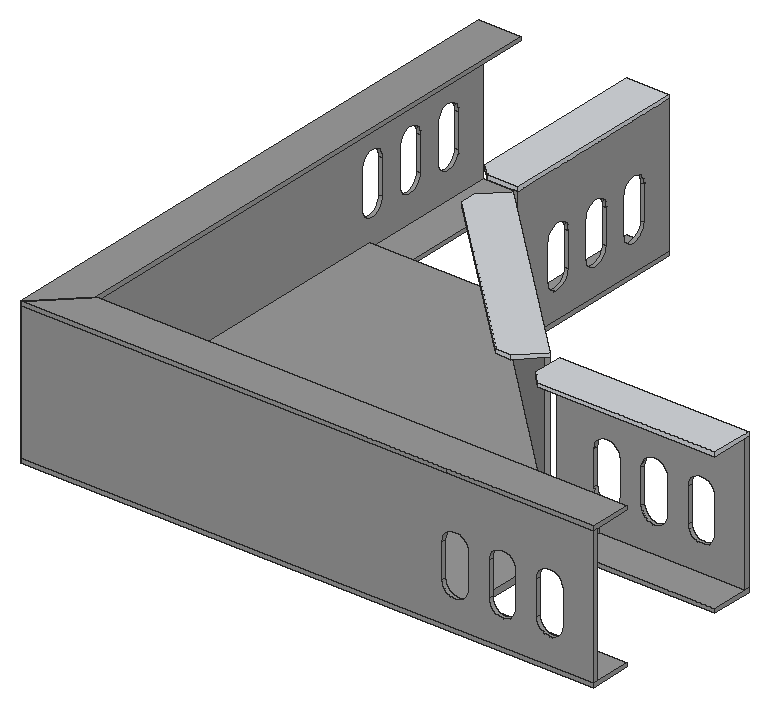
Revit family "90°- Bogen- RB 90 305 FS", category Generic Models, Revit 2017
Family settings
  Can host rebar = No
  Round Connector Dimension = Use Diameter
  Part Type = Normal
  Work Plane-Based = No
  Always vertical = Yes
  Cut with Voids When Loaded = No
  Shared = No
  Room Calculation Point = No
Parameters (values of type "RB 90 305 FS")
  URL = "http://www.obo-bettermann.com"
  Material = Strip galvanised
  Manufacturer Art.No. = "7124400"
  Manufacturer = "OBO BETTERMANN"
  GTIN = "4012196687640"
  Cut's number = 3
  Article Type = "RB 90 305 FS"
Reference planes
  plane 1 "Center (Front/Back)": y = 0
  plane 2: z = 0
  plane 3 "Center (Left/Right)": x = 0
  plane 4: z = 1.5
  plane 5: z = -1
  plane 6: z = 37
  plane 7: z = 36
  plane 8: y = 150.32
  plane 9: y = 150.32
  plane 10: x = 151.3
  plane 11: y = 150.32
  plane 12: y = 100.62
  plane 13: through (0.49, -0.49, 1200) normal (-0.7071, 0.7071, 0)
  plane 14: x = 151.3
  plane 15: x = 101.6
  plane 16: y = 42.034
  plane 17: x = 104.6
  plane 18: z = 14.926
  plane 19: x = 139.8
  plane 20: z = 14.926
  plane 21: x = 127.301
  plane 22: z = 14.926
  plane 23: x = 114.802
  plane 24: z = 14.926
  plane 25: y = 138.82
  plane 26: z = 14.926
  plane 27: y = 126.321
  plane 28: z = 14.926
  plane 29: y = 113.822
  plane 30: z = 14.926
  plane 31: y = 138.82
  plane 32: z = 14.926
  plane 33: y = 126.3
  plane 34: z = 14.926
  plane 35: y = 113.781
  plane 36: z = 14.926
  plane 37: x = 139.8
  plane 38: z = 14.926
  plane 39: x = 127.344
  plane 40: z = 14.926
  plane 41: x = 114.888
Forms (mm)
  Extrusion 1, solid, material "Strip galvanised" <- "Material"
    sketch origin (0, 0, 0) x (1, 0, 0) y (0, 1, 0)
      loop
        line (0, 0) -> (112.525, 0) -> (112.525, 49) -> (98.507, 49) -> (49, 98.507) -> (49, 112.507) -> (0, 112.507) -> (0, 0)
    from 0 to 1.5
  Extrusion 2, solid, material "Strip galvanised" <- "Material"
    sketch origin (0, 0, 0) x (0, 1, 0) y (0, 0, 1)
      loop
        line (0, 36) -> (-1, 36) -> (-1, 0) -> (0, 0) -> (0, 36)
    from 0 to 151.3
  Extrusion 3, solid, material "Strip galvanised" <- "Material"
    sketch origin (0, 0, 0) x (1, 0, 0) y (0, 1, 0)
      loop
        line (112.525, 10.019) -> (10.999, 10.019) -> (-0.02, -1) -> (112.525, -1) -> (151.3, -1) -> (151.3, 10.019) -> (112.525, 10.019)
    from 36 to 37.103
  Extrusion 4, solid, material "Strip galvanised" <- "Material"
    sketch origin (0, 0, 0) x (1, 0, 0) y (0, 1, 0)
      loop
        line (0, 112.507) -> (0, -1) -> (10.999, 10.124) -> (10.999, 112.57) -> (10.999, 150.32) -> (0, 150.32) -> (0, 112.507)
    from 0 to -1.074
  Extrusion 5, solid, material "Strip galvanised" <- "Material"
    sketch origin (0, 0, 0) x (1, 0, 0) y (0, 1, 0)
      loop
        line (10.999, 150.32) -> (0, 150.32) -> (0, -0.98) -> (10.999, 10.019) -> (10.999, 150.32)
    from 36 to 37.103
  Extrusion 6, solid, material "Strip galvanised" <- "Material"
    sketch origin (0, 0, 0) x (1, 0, 0) y (0, 1, 0)
      loop
        line (0, 150.32) -> (0, -1) -> (1, 0.011) -> (1, 150.32) -> (0, 150.32)
    from 0 to 36
  Extrusion 7, solid, material "Strip galvanised" <- "Material"
    sketch origin (0, 0, 0) x (1, 0, 0) y (0, 1, 0)
      loop
        line (49, 100.62) -> (50, 100.62) -> (50, 150.32) -> (49, 150.32) -> (49, 100.62)
    from 0 to 36
  Extrusion 8, solid
    sketch origin (0, 0, 0) x (1, 0, 0) y (0, 1, 0)
      loop
        line (39.022, 150.32) -> (39.022, 103.577) -> (41.979, 100.62) -> (50, 100.62) -> (50, 150.32) -> (39.022, 150.32)
    from 36 to 37.103
  Extrusion 9, solid, material "Strip galvanised" <- "Material"
    sketch origin (0, 0, 0) x (1, 0, 0) y (0, 1, 0)
      loop
        line (49.746, 97.761) -> (97.943, 49.565) -> (98.65, 50.272) -> (50.453, 98.468) -> (49.746, 97.761)
    from 0 to 36
  Extrusion 10, solid
    sketch origin (0, 0, 0) x (1, 0, 0) y (0, 1, 0)
      loop
        line (50.453, 98.468) -> (44.814, 92.829) -> (44.814, 88.644) -> (88.826, 44.633) -> (93.01, 44.633) -> (98.65, 50.272) -> (50.453, 98.468)
    from 36 to 37.103
  Extrusion 11, solid, material "Strip galvanised" <- "Material"
    sketch origin (0, 0, 0) x (1, 0, 0) y (0, 1, 0)
      loop
        line (39.022, 150.32) -> (39.022, 103.577) -> (41.979, 100.62) -> (50, 100.62) -> (50, 150.32) -> (39.022, 150.32)
    from 0 to -1.074
  Extrusion 12, solid, material "Strip galvanised" <- "Material"
    sketch origin (0, 0, 0) x (1, 0, 0) y (0, 1, 0)
      loop
        line (50.453, 98.468) -> (44.812, 92.827) -> (44.812, 88.646) -> (88.797, 44.662) -> (93.039, 44.662) -> (98.65, 50.272) -> (50.453, 98.468)
    from -1.074 to 0
  Extrusion 13, solid, material "Strip galvanised" <- "Material"
    sketch origin (0, 0, 0) x (1, 0, 0) y (0, 1, 0)
      loop
        line (101.6, 49) -> (151.3, 49) -> (151.3, 49.994) -> (101.6, 49.994) -> (101.6, 49)
    from 0 to 36
  Extrusion 14, solid, material "Strip galvanised" <- "Material"
    sketch origin (0, 0, 0) x (1, 0, 0) y (0, 1, 0)
      loop
        line (101.6, 49.994) -> (101.6, 42.034) -> (104.6, 39.034) -> (151.3, 39.034) -> (151.3, 49.994) -> (101.6, 49.994)
    from 0 to -1.074
  Extrusion 15, solid
    sketch origin (0, 0, 0) x (1, 0, 0) y (0, 1, 0)
      loop
        line (101.6, 49.994) -> (101.6, 42.034) -> (104.6, 39.034) -> (151.3, 39.034) -> (151.3, 49.994) -> (101.6, 49.994)
    from 36 to 37.103
  Extrusion 16, solid, material "Strip galvanised" <- "Material"
    sketch origin (0, 0, 0) x (1, 0, 0) y (0, 1, 0)
      loop
        line (0, -0.98) -> (151.225, -0.98) -> (151.225, 10.019) -> (10.999, 10.019) -> (0, -0.98)
    from -1.074 to 0
  Extrusion 17, void
    sketch origin (0, 0, 0) x (1, 0, 0) y (0, 0, 1)
      loop
        arc (136.3, 10.431) -> (139.8, 6.931) -> (143.3, 10.431) r 3.5
        line (143.3, 10.431) -> (143.3, 19.426)
        arc (143.3, 19.426) -> (139.8, 22.926) -> (136.3, 19.426) r 3.5
        line (136.3, 19.426) -> (136.3, 10.431)
    from 0 to 1
  Extrusion 18, void
    sketch origin (-12.499, 0, 0) x (1, 0, 0) y (0, 0, 1)
      loop
        arc (136.3, 10.431) -> (139.8, 6.931) -> (143.3, 10.431) r 3.5
        line (143.3, 10.431) -> (143.3, 19.426)
        arc (143.3, 19.426) -> (139.8, 22.926) -> (136.3, 19.426) r 3.5
        line (136.3, 19.426) -> (136.3, 10.431)
    from 0 to 1
  Extrusion 19, void
    sketch origin (-24.998, 0, 0) x (1, 0, 0) y (0, 0, 1)
      loop
        arc (136.3, 10.431) -> (139.8, 6.931) -> (143.3, 10.431) r 3.5
        line (143.3, 10.431) -> (143.3, 19.426)
        arc (143.3, 19.426) -> (139.8, 22.926) -> (136.3, 19.426) r 3.5
        line (136.3, 19.426) -> (136.3, 10.431)
    from 0 to 1
  Extrusion 20, void
    sketch origin (0, 0, 0) x (0, 1, 0) y (0, 0, 1)
      loop
        line (142.32, 10.426) -> (142.32, 19.426)
        arc (142.32, 19.426) -> (138.82, 22.926) -> (135.32, 19.426) r 3.5
        line (135.32, 19.426) -> (135.32, 10.426)
        arc (135.32, 10.426) -> (138.82, 6.926) -> (142.32, 10.426) r 3.5
    from 0 to 1
  Extrusion 21, void
    sketch origin (0, -12.499, 0) x (0, 1, 0) y (0, 0, 1)
      loop
        line (142.32, 10.426) -> (142.32, 19.426)
        arc (142.32, 19.426) -> (138.82, 22.926) -> (135.32, 19.426) r 3.5
        line (135.32, 19.426) -> (135.32, 10.426)
        arc (135.32, 10.426) -> (138.82, 6.926) -> (142.32, 10.426) r 3.5
    from 0 to 1
  Extrusion 22, void
    sketch origin (0, -24.998, 0) x (0, 1, 0) y (0, 0, 1)
      loop
        line (142.32, 10.426) -> (142.32, 19.426)
        arc (142.32, 19.426) -> (138.82, 22.926) -> (135.32, 19.426) r 3.5
        line (135.32, 19.426) -> (135.32, 10.426)
        arc (135.32, 10.426) -> (138.82, 6.926) -> (142.32, 10.426) r 3.5
    from 0 to 1
  Extrusion 23, void
    sketch origin (0, 0, 0) x (0, 1, 0) y (0, 0, 1)
      loop
        arc (135.32, 10.426) -> (138.82, 6.926) -> (142.32, 10.426) r 3.5
        line (142.32, 10.426) -> (142.32, 19.426)
        arc (142.32, 19.426) -> (138.82, 22.926) -> (135.32, 19.426) r 3.5
        line (135.32, 19.426) -> (135.32, 10.426)
    from 49 to 50
  Extrusion 24, void
    sketch origin (0, -12.52, 0) x (0, 1, 0) y (0, 0, 1)
      loop
        arc (135.32, 10.426) -> (138.82, 6.926) -> (142.32, 10.426) r 3.5
        line (142.32, 10.426) -> (142.32, 19.426)
        arc (142.32, 19.426) -> (138.82, 22.926) -> (135.32, 19.426) r 3.5
        line (135.32, 19.426) -> (135.32, 10.426)
    from 49 to 50
  Extrusion 25, void
    sketch origin (0, -25.039, 0) x (0, 1, 0) y (0, 0, 1)
      loop
        arc (135.32, 10.426) -> (138.82, 6.926) -> (142.32, 10.426) r 3.5
        line (142.32, 10.426) -> (142.32, 19.426)
        arc (142.32, 19.426) -> (138.82, 22.926) -> (135.32, 19.426) r 3.5
        line (135.32, 19.426) -> (135.32, 10.426)
    from 49 to 50
  Extrusion 26, void
    sketch origin (0, 0, 0) x (1, 0, 0) y (0, 0, 1)
      loop
        line (143.3, 10.426) -> (143.3, 19.426)
        arc (143.3, 19.426) -> (139.8, 22.926) -> (136.3, 19.426) r 3.5
        line (136.3, 19.426) -> (136.3, 10.426)
        arc (136.3, 10.426) -> (139.8, 6.926) -> (143.3, 10.426) r 3.5
    from -49 to -49.994
  Extrusion 27, void
    sketch origin (-12.456, 0, 0) x (1, 0, 0) y (0, 0, 1)
      loop
        line (143.3, 10.426) -> (143.3, 19.426)
        arc (143.3, 19.426) -> (139.8, 22.926) -> (136.3, 19.426) r 3.5
        line (136.3, 19.426) -> (136.3, 10.426)
        arc (136.3, 10.426) -> (139.8, 6.926) -> (143.3, 10.426) r 3.5
    from -49 to -49.994
  Extrusion 28, void
    sketch origin (-24.912, 0, 0) x (1, 0, 0) y (0, 0, 1)
      loop
        line (143.3, 10.426) -> (143.3, 19.426)
        arc (143.3, 19.426) -> (139.8, 22.926) -> (136.3, 19.426) r 3.5
        line (136.3, 19.426) -> (136.3, 10.426)
        arc (136.3, 10.426) -> (139.8, 6.926) -> (143.3, 10.426) r 3.5
    from -49 to -49.994
Cuts and joins
  Extrusion 17, Extrusion 18, Extrusion 19 cuts Extrusion 2
  Extrusion 20, Extrusion 21, Extrusion 22, Extrusion 23 cuts Extrusion 6
  Extrusion 20, Extrusion 23, Extrusion 24, Extrusion 25 cuts Extrusion 7
  Extrusion 26, Extrusion 27, Extrusion 28 cuts Extrusion 13
Dimensions and locks
  locked: Extrusion 1 sketch curve to Extrusion 1 sketch curve at 112.507
  locked: Extrusion 1 sketch curve to Extrusion 1 sketch curve at 112.525
  locked: Extrusion 1 sketch curve to Extrusion 1 sketch curve at 49
  Extrusion 1 sketch curve to Extrusion 1 sketch curve = 49 mm
  locked: plane 4 to level at 1.5
  locked: plane 5 to Extrusion 1 at 1
  locked: plane 6 to plane 5 at 38
  locked: plane 6 to plane 7 at 1
  locked: Extrusion 2 sketch curve to Extrusion 2 sketch curve at 36
  locked: Extrusion 2 sketch curve to Extrusion 2 sketch curve at 1
  Extrusion 3 sketch curve to Extrusion 1 = 112.546 mm
  locked: Extrusion 3 sketch curve to Extrusion 3 sketch curve at 11.019
  locked: Extrusion 3 sketch curve to Extrusion 3 sketch curve at 15.584
  Extrusion 1 to Extrusion 4 sketch curve = 10.999 mm
  locked: Extrusion 4 sketch curve to Extrusion 4 sketch curve at 113.507
  locked: Extrusion 4 sketch curve to Extrusion 4 sketch curve at 102.445
  locked: Extrusion 4 sketch curve to Extrusion 4 sketch curve at 15.644
  locked: Extrusion 4 to Extrusion 1 at 1.074
  Extrusion 1 to Extrusion 4 = 10.999 mm
  locked: Extrusion 5 sketch curve to Extrusion 5 sketch curve at 15.555
  Extrusion 5 sketch curve to Extrusion 5 sketch curve = 10.999 mm
  locked: Extrusion 5 to Extrusion 6 sketch curve at 1
  Extrusion 6 sketch curve to Extrusion 6 sketch curve = 151.32 mm
  plane 8 to Extrusion 5 sketch curve = 151.3 mm
  locked: plane 9 to Extrusion 4 sketch curve at 151.32
  locked: Extrusion 5 to plane 10 at 151.3
  locked: plane 11 to plane 12 at 49.7
  locked: Extrusion 7 sketch curve to Extrusion 7 sketch curve at 1
  locked: Extrusion 7 sketch curve to Extrusion 7 sketch curve at 49.7
  locked: Extrusion 8 sketch curve to Extrusion 8 sketch curve at 8.021
  locked: Extrusion 8 sketch curve to Extrusion 8 sketch curve at 46.743
  locked: Extrusion 9 sketch curve to Extrusion 1 at 1
  locked: Extrusion 9 sketch curve to Extrusion 9 sketch curve at 68.16
  locked: Extrusion 8 to Extrusion 8 at 10.978
  locked: Extrusion 8 to Extrusion 8 at 49.7
  locked: Extrusion 11 sketch curve to Extrusion 11 sketch curve at 8.021
  locked: Extrusion 11 sketch curve to Extrusion 11 sketch curve at 46.743
  locked: Extrusion 10 to Extrusion 10 at 10.934
  locked: Extrusion 10 to Extrusion 10 at 68.16
  locked: Extrusion 12 sketch curve to Extrusion 12 sketch curve at 7.978
  locked: Extrusion 12 sketch curve to Extrusion 12 sketch curve at 4.243
  locked: Extrusion 12 sketch curve to Extrusion 12 sketch curve at 7.934
  locked: plane 15 to plane 14 at 49.7
  locked: Extrusion 13 sketch curve to Extrusion 13 sketch curve at 0.994
  locked: Extrusion 13 sketch curve to Extrusion 13 sketch curve at 49.7
  locked: Extrusion 13 to Extrusion 14 sketch curve at 10.96
  locked: Extrusion 14 sketch curve to Extrusion 14 sketch curve at 49.7
  locked: Extrusion 14 to Extrusion 13 at 10.96
  locked: Extrusion 14 to Extrusion 14 at 49.7
  locked: Extrusion 3 to Extrusion 3 at 11.019
  locked: Extrusion 16 sketch curve to Extrusion 16 sketch curve at 140.226
  locked: Extrusion 16 sketch curve to Extrusion 16 sketch curve at 151.225
  locked: Extrusion 17 sketch curve to Extrusion 17 sketch curve at 7
  locked: plane 19 to Extrusion 17 sketch curve at 3.5
  locked: Extrusion 17 sketch curve to plane 18 at 8
  locked: plane 18 to Extrusion 17 sketch curve at 7.995
  locked: Extrusion 18 sketch curve to Extrusion 18 sketch curve at 7
  locked: plane 21 to Extrusion 18 sketch curve at 3.5
  locked: Extrusion 18 sketch curve to plane 20 at 8
  locked: plane 20 to Extrusion 18 sketch curve at 7.995
  equal spacing: group 3, group 2, group 1
  equal spacing: group 1, group 2, group 3  (x2)
  locked: Extrusion 19 sketch curve to Extrusion 19 sketch curve at 7
  locked: plane 23 to Extrusion 19 sketch curve at 3.5
  locked: Extrusion 19 sketch curve to plane 22 at 8
  locked: plane 22 to Extrusion 19 sketch curve at 7.995
  locked: Extrusion 20 sketch curve to Extrusion 20 sketch curve at 7
  locked: Extrusion 20 sketch curve to plane 25 at 3.5
  locked: Extrusion 20 sketch curve to plane 24 at 8
  locked: plane 24 to Extrusion 20 sketch curve at 8
  locked: Extrusion 21 sketch curve to Extrusion 21 sketch curve at 7
  locked: Extrusion 21 sketch curve to plane 27 at 3.5
  locked: Extrusion 21 sketch curve to plane 26 at 8
  locked: plane 26 to Extrusion 21 sketch curve at 8
  equal spacing: group 4, group 5, group 6  (x2)
  equal spacing: group 6, group 5, group 4
  locked: Extrusion 22 sketch curve to Extrusion 22 sketch curve at 7
  locked: Extrusion 22 sketch curve to plane 29 at 3.5
  locked: Extrusion 22 sketch curve to plane 28 at 8
  locked: plane 28 to Extrusion 22 sketch curve at 8
  locked: Extrusion 23 sketch curve to Extrusion 23 sketch curve at 7
  locked: Extrusion 23 sketch curve to plane 31 at 3.5
  locked: Extrusion 23 sketch curve to plane 30 at 8
  locked: plane 30 to Extrusion 23 sketch curve at 8
  locked: Extrusion 24 sketch curve to Extrusion 24 sketch curve at 7
  locked: Extrusion 24 sketch curve to plane 33 at 3.5
  locked: Extrusion 24 sketch curve to plane 32 at 8
  locked: plane 32 to Extrusion 24 sketch curve at 8
  equal spacing: group 7, group 8, group 9  (x2)
  equal spacing: group 9, group 8, group 7
  locked: Extrusion 25 sketch curve to Extrusion 25 sketch curve at 7
  locked: Extrusion 25 sketch curve to plane 35 at 3.5
  locked: Extrusion 25 sketch curve to plane 34 at 8
  locked: plane 34 to Extrusion 25 sketch curve at 8
  locked: Extrusion 26 sketch curve to Extrusion 26 sketch curve at 7
  locked: plane 37 to Extrusion 26 sketch curve at 3.5
  locked: plane 36 to Extrusion 26 sketch curve at 8
  locked: Extrusion 26 sketch curve to plane 36 at 8
  locked: Extrusion 27 sketch curve to Extrusion 27 sketch curve at 7
  locked: plane 39 to Extrusion 27 sketch curve at 3.5
  locked: plane 38 to Extrusion 27 sketch curve at 8
  locked: Extrusion 27 sketch curve to plane 38 at 8
  equal spacing: group 12, group 11, group 10
  equal spacing: group 10, group 11, group 12  (x2)
  locked: Extrusion 28 sketch curve to Extrusion 28 sketch curve at 7
  locked: plane 41 to Extrusion 28 sketch curve at 3.5
  locked: plane 40 to Extrusion 28 sketch curve at 8
  locked: Extrusion 28 sketch curve to plane 40 at 8
  aligned and locked: level to plane 2
  aligned and locked: plane 1 "Center (Front/Back)" to Extrusion 1
  aligned and locked: plane 4 to Extrusion 1
  aligned and locked: Extrusion 2 sketch curve to plane 7
  aligned and locked: Extrusion 2 to plane 1 "Center (Front/Back)"
  aligned and locked: Extrusion 2 to plane 3 "Center (Left/Right)"
  aligned and locked: Extrusion 3 to Extrusion 2  (x2)
  aligned and locked: Extrusion 2 to Extrusion 3
  aligned and locked: level to Extrusion 4
  aligned and locked: Extrusion 5 sketch curve to Extrusion 4
  aligned and locked: plane 3 "Center (Left/Right)" to Extrusion 5 sketch curve
  aligned and locked: Extrusion 3 to Extrusion 5
  aligned and locked: Extrusion 5 to Extrusion 2
  aligned and locked: Extrusion 6 sketch curve to Extrusion 4
  aligned and locked: Extrusion 5 sketch curve to plane 8
  aligned and locked: Extrusion 6 to Extrusion 4
  aligned and locked: Extrusion 3 sketch curve to plane 10
  aligned and locked: plane 10 to Extrusion 3
  aligned and locked: Extrusion 1 to Extrusion 2
  aligned and locked: Extrusion 7 sketch curve to plane 12
  aligned and locked: Extrusion 1 to Extrusion 7
  aligned and locked: Extrusion 2 to Extrusion 7
  aligned and locked: Extrusion 8 to Extrusion 2
  aligned and locked: Extrusion 3 to Extrusion 8
  aligned and locked: Extrusion 2 to Extrusion 9  (x2)
  aligned and locked: Extrusion 1 to Extrusion 9
  aligned and locked: Extrusion 11 to Extrusion 4
  aligned and locked: Extrusion 12 sketch curve to Extrusion 10  (x3)
  aligned and locked: Extrusion 12 to Extrusion 4
  aligned and locked: Extrusion 2 to Extrusion 13
  aligned and locked: plane 17 to Extrusion 14 sketch curve
  aligned and locked: Extrusion 14 to Extrusion 1
  aligned and locked: Extrusion 14 to Extrusion 12
  aligned and locked: Extrusion 3 to Extrusion 15
  aligned and locked: Extrusion 15 to Extrusion 3
  aligned and locked: Extrusion 4 to Extrusion 16
  aligned and locked: Extrusion 16 to Extrusion 1
  aligned and locked: Extrusion 1 to Extrusion 17
  aligned and locked: Extrusion 2 to Extrusion 17
  aligned and locked: Extrusion 1 to Extrusion 20
  aligned and locked: Extrusion 6 to Extrusion 20
  aligned and locked: Extrusion 1 to Extrusion 23
  aligned and locked: Extrusion 8 to Extrusion 23
  aligned and locked: Extrusion 26 to Extrusion 1
  aligned and locked: Extrusion 13 to Extrusion 26
Automatic sketch dimensions
  Extrusion 1 sketch curve to plane 3 "Center (Left/Right)" = 0 mm
  plane 1 "Center (Front/Back)" to Extrusion 1 sketch curve = 0 mm
  Extrusion 1 sketch curve to Extrusion 1 sketch curve = 14.018 mm
  Extrusion 1 sketch curve to Extrusion 1 sketch curve = 14 mm
  Extrusion 2 sketch curve to plane 1 "Center (Front/Back)" = 0 mm
  Extrusion 3 sketch curve to plane 13 = 0 mm
  Extrusion 3 sketch curve to plane 10 = 38.775 mm
  Extrusion 3 sketch curve to Extrusion 3 sketch curve = 0 mm
  Extrusion 4 sketch curve to plane 3 "Center (Left/Right)" = 0 mm
  Extrusion 4 sketch curve to plane 9 = 0 mm
  Extrusion 6 sketch curve to plane 3 "Center (Left/Right)" = 0 mm
  plane 3 "Center (Left/Right)" to Extrusion 7 sketch curve = 49 mm
  plane 3 "Center (Left/Right)" to Extrusion 8 sketch curve = 39.022 mm
  Extrusion 8 sketch curve to Extrusion 8 sketch curve = 2.957 mm  (x2)
  Extrusion 8 sketch curve to plane 1 "Center (Front/Back)" = 100.62 mm
  plane 3 "Center (Left/Right)" to Extrusion 9 sketch curve = 49.746 mm
  Extrusion 9 sketch curve to plane 1 "Center (Front/Back)" = 98.468 mm
  plane 3 "Center (Left/Right)" to Extrusion 10 sketch curve = 44.814 mm
  Extrusion 10 sketch curve to Extrusion 10 sketch curve = 5.639 mm  (x3)
  Extrusion 10 sketch curve to Extrusion 10 sketch curve = 44.012 mm
  Extrusion 10 sketch curve to Extrusion 10 sketch curve = 4.185 mm  (x2)
  Extrusion 10 sketch curve to plane 1 "Center (Front/Back)" = 44.633 mm
  plane 3 "Center (Left/Right)" to Extrusion 11 sketch curve = 39.022 mm
  Extrusion 11 sketch curve to Extrusion 11 sketch curve = 2.957 mm  (x2)
  Extrusion 11 sketch curve to plane 1 "Center (Front/Back)" = 100.62 mm
  Extrusion 13 sketch curve to plane 15 = 0 mm
  Extrusion 13 sketch curve to plane 1 "Center (Front/Back)" = 49 mm
  Extrusion 14 sketch curve to plane 16 = 0 mm
  Extrusion 14 sketch curve to plane 10 = 0 mm
  Extrusion 14 sketch curve to Extrusion 14 sketch curve = 7.96 mm
  Extrusion 15 sketch curve to plane 10 = 0 mm
  Extrusion 15 sketch curve to plane 10 = 46.7 mm
  Extrusion 15 sketch curve to Extrusion 15 sketch curve = 3 mm  (x2)
  Extrusion 15 sketch curve to plane 1 "Center (Front/Back)" = 39.034 mm
  Extrusion 15 sketch curve to Extrusion 15 sketch curve = 10.96 mm
  Extrusion 16 sketch curve to plane 3 "Center (Left/Right)" = 0 mm
  Extrusion 16 sketch curve to plane 13 = 0 mm  (x2)
